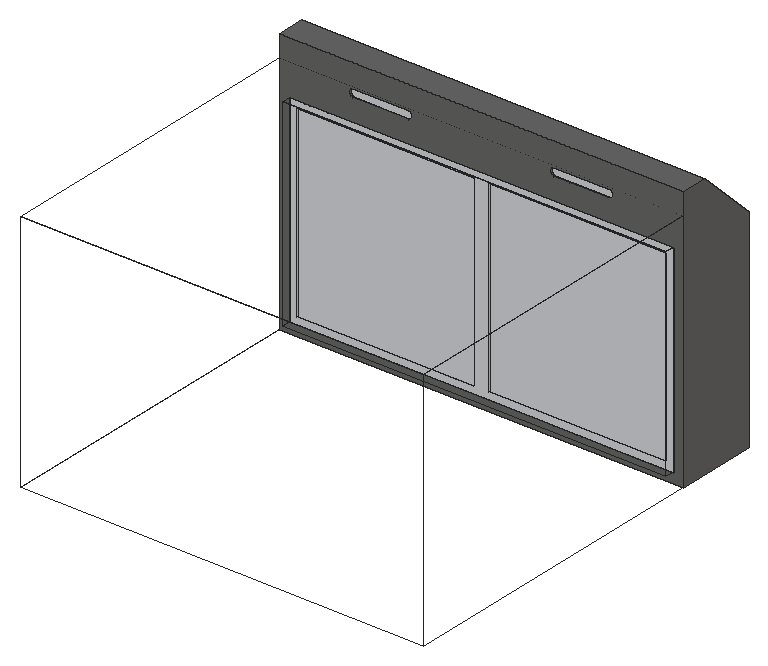
Revit family "Range_Hood-BroanNutone-Convertible-Under_Cabinet-30in-BCDF130SS", category Specialty Equipment, host Face, Revit 2019
Family settings
  Host = Face
  Round Connector Dimension = Use Diameter
  Part Type = Normal
  OmniClass Number = 23.40.20.34.11.21
  OmniClass Title = Fireplace and Stove Hoods
  Cut with Voids When Loaded = No
  Shared = No
  Room Calculation Point = No
Parameters (values of type "30" Black Stainless Steel")
  Width = 2' - 5 7/8"  # constant formula
  Warranty URL = "https://www.broan-nutone.com/getmedia/08960bac-3ee5-42e1-8f41-5e0d445213aa/ADA_Low_Voltage_Connection.pdf?ext=.pdf"
  Voltage Note = "120 V"  # constant formula
  Voltage = 120 V  # constant formula
  Version = "2019 – v1.0a"  # constant formula
  URL = "https://www.broan-nutone.com/"
  Type Comments = ""
  Support Phone = "(224) 699-9545"  # constant formula
  Support Email = "mailto:support@anguleris.com"
  Product Page URL = "https://www.broan-nutone.com/en-us/product/rangehoods/bcdf130bls"
  Product Name = "Broan® Glacier 30-Inch Convertible Under-Cabinet Range Hood, 375 Max Blower CFM, Black Stainless Steel"  # constant formula
  Product Documentation Link = "https://www.broan-nutone.com/getmedia/8d9fa85d-d6a1-42bc-9413-94628d71b8d8/Spec-Sheet-BCDF1.pdf?ext=.pdf"
  Power Factor = 1  # constant formula
  Number of Poles = 1
  Mounting Note = "For best results mount 24 to 30 inches over cooking surface"  # constant formula
  Model = "BCDF130SS"  # constant formula
  Manufacturer Phone Number = "1 800-558-1711"  # constant formula
  Manufacturer = "Broan-NuTone"  # constant formula
  Height = 0' - 6"  # constant formula
  Finish = Metal - Broan NuTone - Stainless Steel - Black
  Electrical Connector = "Cord Kit - Standard 120 VAC Plug"  # constant formula
  Description = "30-Inch Convertible Under-Cabinet Range Hood, 375 Max Blower"  # constant formula
  Depth = 1' - 7 5/8"  # constant formula
  Default Elevation = 2' - 0"
  Copyright = "Copyright © 2021 Broan-NuTone, LLC. All Rights Reserved"  # constant formula
  Clearance [instance] = yes
  Assembly Code = "E1090320"
  Apparent Load = 0 VA
Types (2): name | Product Page URL | Finish | Default Elevation
  30" Stainless Steel | "https://www.broan-nutone.com/en-us/product/rangehoods/bcdf130ss" | Metal - Broan NuTone - Stainless Steel | 4' - 0"
  30" Black Stainless Steel | "https://www.broan-nutone.com/en-us/product/rangehoods/bcdf130bls" | Metal - Broan NuTone - Stainless Steel - Black | 2' - 0"
Reference planes (in)
  plane 1 "Center (Front/Back)": y = 0
  plane 2: z = 0
  plane 3 "Center (Left/Right)": x = 0
  plane 4: x = -14.9375
  plane 5: x = 14.9375
  plane 6: y = -3
  plane 7: y = 3
  plane 8: z = 19.625
  plane 9: z = 14.125
  plane 10: x = 7.4375
  plane 11: z = 2
  plane 12: y = 1.5
  plane 13: y = -1.5
  plane 14: x = -13.4375
  plane 15: x = 13.4375
  plane 16: x = -7.4375
Forms (in)
  Extrusion 1, solid, material "Metal - Broan NuTone - Stainless Steel - Black" <- "Finish", detail levels fine
    sketch origin (0, 0, 0) x (1, 0, 0) y (0, 0, 1)
      loop
        line (-14.9375, 14.125) -> (-14.9375, 0) -> (14.9375, 0) -> (14.9375, 14.125) -> (-14.9375, 14.125)
    from -3 to 3
  Extrusion 2, solid, material "Clearances - Broan Nutone", visible <- "Clearance"
    sketch origin (0, 0, 0) x (1, 0, 0) y (0, 1, 0)
      loop
        line (-14.9375, -3) -> (-14.9375, -27) -> (14.9375, -27) -> (14.9375, -3) -> (-14.9375, -3)
    from 0 to 18
  Extrusion 3, solid, material "Metal - Broan NuTone - Stainless Steel - Black" <- "Finish", detail levels fine
    sketch origin (0, 0, 0) x (0, 1, 0) y (0, 0, 1)
      loop
        line (3, 14.125) -> (3, 15.625) -> (-1, 19.625) -> (-3, 19.625) -> (-3, 14.125) -> (3, 14.125)
    from -14.9375 to 14.9375
  Extrusion 4, void
    sketch origin (0, 0, 0) x (1, 0, 0) y (0, 0, 1)
      loop
        line (-14.1875, 0.75) -> (14.1875, 0.75) -> (14.1875, 15.625) -> (-14.1875, 15.625) -> (-14.1875, 0.75)
    from -1.36581 to 3.65336
  Extrusion 5, solid, detail levels fine
    sketch origin (0, 0, 0) x (1, 0, 0) y (0, 0, 1)
      loop
        line (14.1875, 15.625) -> (-14.1875, 15.625) -> (-14.1875, 0.75) -> (14.1875, 0.75) -> (14.1875, 15.625)
    from 2.42402 to 2.9065
  Extrusion 6, void
    sketch origin (0, 0, 0) x (1, 0, 0) y (0, 0, 1)
      loop
        arc (5.4375, 17.875) -> (5.137, 17.5745) -> (5.4375, 17.274) r 0.3005
        line (5.4375, 17.274) -> (9.4375, 17.274)
        arc (9.4375, 17.274) -> (9.738, 17.5745) -> (9.4375, 17.875) r 0.3005
        line (9.4375, 17.875) -> (5.4375, 17.875)
      loop
        arc (-9.4375, 17.875) -> (-9.738, 17.5745) -> (-9.4375, 17.274) r 0.3005
        line (-9.4375, 17.274) -> (-5.4375, 17.274)
        arc (-5.4375, 17.274) -> (-5.137, 17.5745) -> (-5.4375, 17.875) r 0.3005
        line (-5.4375, 17.875) -> (-9.4375, 17.875)
    from 1.73757 to 4.07386
  Extrusion 7, solid
    sketch origin (0, 0, 0) x (1, 0, 0) y (0, 0, 1)
      loop
        arc (-5.4375, 17.274) -> (-5.137, 17.5745) -> (-5.4375, 17.875) r 0.3005
        line (-5.4375, 17.875) -> (-9.4375, 17.875)
        arc (-9.4375, 17.875) -> (-9.738, 17.5745) -> (-9.4375, 17.274) r 0.3005
        line (-9.4375, 17.274) -> (-5.4375, 17.274)
      loop
        arc (9.4375, 17.274) -> (9.738, 17.5745) -> (9.4375, 17.875) r 0.3005
        line (9.4375, 17.875) -> (5.4375, 17.875)
        arc (5.4375, 17.875) -> (5.137, 17.5745) -> (5.4375, 17.274) r 0.3005
        line (5.4375, 17.274) -> (9.4375, 17.274)
    from 0 to 2.9065
  Extrusion 8, solid, detail levels fine
    sketch origin (0, 0, 0) x (1, 0, 0) y (0, 0, 1)
      loop
        line (-13.6875, 15.125) -> (-13.6875, 1.25) -> (-0.5, 1.25) -> (-0.5, 15.125) -> (-13.6875, 15.125)
      loop
        line (-14.1875, 15.625) -> (-14.1875, 0.75) -> (0, 0.75) -> (14.1875, 0.75) -> (14.1875, 15.625) -> (0, 15.625) -> (-14.1875, 15.625)
      loop
        line (13.6875, 15.125) -> (0.5, 15.125) -> (0.5, 1.25) -> (13.6875, 1.25) -> (13.6875, 15.125)
    from 0 to 3
  Extrusion 9, solid, material "Metal - Broan NuTone - Stainless Steel - Black" <- "Finish", detail levels coarse+medium
    sketch origin (0, 0, 0) x (0, 1, 0) y (0, 0, 1)
      loop
        line (3, 0) -> (3, 19.625) -> (-3, 19.625) -> (-3, 0) -> (3, 0)
    from -14.9375 to 14.9375
  Extrusion 10, void
    sketch origin (0, 0, 0) x (1, 0, 0) y (0, 0, 1)
      loop
        line (-5.4375, 17.875) -> (-9.4375, 17.875)
        arc (-9.4375, 17.875) -> (-9.738, 17.5745) -> (-9.4375, 17.274) r 0.3005
        line (-9.4375, 17.274) -> (-5.4375, 17.274)
        arc (-5.4375, 17.274) -> (-5.137, 17.5745) -> (-5.4375, 17.875) r 0.3005
      loop
        line (9.4375, 17.875) -> (5.4375, 17.875)
        arc (5.4375, 17.875) -> (5.137, 17.5745) -> (5.4375, 17.274) r 0.3005
        line (5.4375, 17.274) -> (9.4375, 17.274)
        arc (9.4375, 17.274) -> (9.738, 17.5745) -> (9.4375, 17.875) r 0.3005
    from 1 to 3.65336
Cuts and joins
  Extrusion 4 cuts Extrusion 1
  Extrusion 4, Extrusion 6 cuts Extrusion 3
  joined: Extrusion 1, Extrusion 3
  Extrusion 4 cuts Extrusion 2
  Extrusion 10 cuts Extrusion 9
Lines and regions (in)
  Masking region 1, detail levels coarse
    outline origin (0, 0, 0) x (1, 0, 0) y (0, 0, 1)
      loop
        line (14.9375, 19.625) -> (-14.9375, 19.625) -> (-14.9375, 0) -> (14.9375, 0) -> (14.9375, 19.625)
  model lines, detail levels fine
    curve 1: circle (7.4375, 2, 0) r 0.5 normal (0, 0, 1)
    curve 2: circle (15, 1.5, 2) r 0.5 normal (1, 0, 0)
    curve 3: circle (15, -1.5, 2) r 0.5 normal (-1, 0, 0)
  symbolic lines, style "Clearance Zones"
    curve 4: line (-14.9375, 0, 14.125) -> (-14.9375, 0, 19.625)
    curve 5: line (-14.9375, 0, 19.625) -> (14.9375, 0, 19.625)
    curve 6: line (14.9375, 0, 19.625) -> (14.9375, 0, 14.125)
  symbolic lines, detail levels medium+fine
    curve 7: line (14.9375, 0, 14.125) -> (-14.9375, 0, 14.125)
  symbolic lines, detail levels fine
    curve 8: line (7.4375, 0, 14.125) -> (7.4375, 0, 0)
    curve 9: line (-7.4375, 0, 14.125) -> (-7.4375, 0, 0)
Dimensions and locks (in)
  equal spacing: plane 4, plane 3 "Center (Left/Right)", plane 5
  "Width": plane 4 to plane 5
  equal spacing: plane 6, plane 1 "Center (Front/Back)", plane 7
  "Height": plane 6 to plane 7
  plane 8 to level = 1' - 7 5/8"
  equal spacing: plane 13, plane 1 "Center (Front/Back)", plane 12
  locked: Extrusion 2 sketch curve to plane 6 at 24
  locked: plane 14 to plane 4 at 1.5
  locked: plane 5 to plane 15 at 1.5
  locked: plane 16 to plane 4 at 7.5
  locked: plane 10 to plane 5 at 7.5
  "Depth": plane 8 to host face
  Extrusion 2 to Extrusion 2 = 2' - 5 7/8"  (x2)
  locked: cut or joined group of Extrusion 1, Extrusion 3, Extrusion 4, Extrusion 6 to Extrusion 2 at 24
  locked: Extrusion 2 to host face at 18
  plane 4 to plane 5 = 2' - 5 7/8"
  locked: plane 8 to plane 9 at 5.5
  aligned and locked: plane 2 to host face
  aligned and locked: level to host face
  aligned and locked: Extrusion 1 sketch curve to plane 9
  aligned and locked: Extrusion 1 sketch curve to plane 4
  aligned and locked: level to Extrusion 1 sketch curve
  aligned and locked: Extrusion 1 sketch curve to plane 5
  aligned and locked: Extrusion 1 to plane 7
  aligned and locked: plane 6 to Extrusion 1
  aligned and locked: plane 10 to curve 1
  aligned and locked: plane 11 to curve 2
  aligned and locked: plane 12 to curve 2
  aligned and locked: plane 11 to curve 3
  aligned and locked: plane 6 to Extrusion 2 sketch curve
  aligned and locked: plane 4 to Extrusion 2 sketch curve
  aligned and locked: Extrusion 2 sketch curve to plane 5
  aligned and locked: Extrusion 2 to level
  aligned and locked: Masking region 1 sketch curve to plane 5
  aligned and locked: Masking region 1 sketch curve to plane 8
  aligned and locked: Masking region 1 sketch curve to plane 4
  aligned and locked: plane 2 to Masking region 1 sketch curve
  aligned and locked: plane 5 to curve 7
  aligned and locked: plane 4 to curve 7
  aligned and locked: plane 5 to Extrusion 9
  aligned and locked: Extrusion 9 to plane 4
  aligned and locked: cut or joined group of Extrusion 1, Extrusion 3, Extrusion 4, Extrusion 6 to cut or joined group of Extrusion 1, Extrusion 3, Extrusion 4, Extrusion 6  (x2)
Automatic sketch dimensions
  curve 9 to plane 16 = 0' - 0"
  plane 10 to curve 8 = 0' - 0"
  curve 8 to level = 0' - 0"
  curve 9 to level = 0' - 0"
  curve 5 to plane 8 = 0' - 0"
  host sketch curve to host sketch curve = 8' - 0"  (x2)
  curve 1 to Extrusion 1 = 0' - 1"
  curve 3 to plane 13 = 0' - 0"
  Extrusion 3 sketch curve to plane 6 = 0' - 0"
  Extrusion 3 sketch curve to plane 8 = 0' - 0"
  Extrusion 3 sketch curve to plane 7 = 0' - 0"
  Extrusion 3 sketch curve to plane 9 = 0' - 0"
  plane 13 to Extrusion 3 sketch curve = 0' - 0 1/2"
  Extrusion 3 sketch curve to Extrusion 3 sketch curve = 0' - 1 1/2"
  curve 9 to plane 9 = 0' - 0"
  plane 4 to Extrusion 4 sketch curve = 0' - 0 3/4"
  Extrusion 4 sketch curve to plane 5 = 0' - 0 3/4"
  level to Extrusion 4 sketch curve = 0' - 0 3/4"
  plane 9 to Extrusion 4 sketch curve = 0' - 1 1/2"
  plane 4 to Extrusion 5 sketch curve = 0' - 0 3/4"
  plane 9 to Extrusion 5 sketch curve = 0' - 1 1/2"
  level to Extrusion 5 sketch curve = 0' - 0 3/4"
  Extrusion 5 sketch curve to plane 5 = 0' - 0 3/4"
  Extrusion 6 sketch curve to plane 16 = 0' - 2"
  plane 16 to Extrusion 6 sketch curve = 0' - 2"
  plane 10 to Extrusion 6 sketch curve = 0' - 2"
  Extrusion 6 sketch curve to plane 10 = 0' - 2"
  Extrusion 6 sketch curve to plane 8 = 0' - 2.351"  (x2)
  Extrusion 6 sketch curve to Extrusion 6 sketch curve = 0' - 0.3005"  (x2)
  Extrusion 7 sketch curve to plane 16 = 0' - 2"
  plane 16 to Extrusion 7 sketch curve = 0' - 2"
  Extrusion 7 sketch curve to plane 8 = 0' - 2.351"  (x2)
  Extrusion 7 sketch curve to Extrusion 7 sketch curve = 0' - 0.3005"  (x2)
  plane 10 to Extrusion 7 sketch curve = 0' - 2"
  Extrusion 7 sketch curve to plane 10 = 0' - 2"
  Extrusion 8 sketch curve to plane 3 "Center (Left/Right)" = 0' - 0"  (x2)
  Extrusion 8 sketch curve to plane 3 "Center (Left/Right)" = 0' - 0 1/2"
  Extrusion 8 sketch curve to plane 14 = 0' - 0 1/4"
  Extrusion 8 sketch curve to Extrusion 8 sketch curve = 0' - 0 1/2"  (x5)
  plane 3 "Center (Left/Right)" to Extrusion 8 sketch curve = 0' - 0 1/2"
  Extrusion 8 sketch curve to plane 15 = 0' - 0 1/4"
  plane 9 to Extrusion 8 sketch curve = 0' - 1"  (x2)
  Extrusion 8 sketch curve to plane 11 = 0' - 0 3/4"
  Extrusion 9 sketch curve to level = 0' - 0"
  Extrusion 9 sketch curve to plane 6 = 0' - 0"
  Extrusion 9 sketch curve to plane 7 = 0' - 0"
  Extrusion 9 sketch curve to plane 8 = 0' - 0"
  Extrusion 10 sketch curve to plane 16 = 0' - 2"
  plane 16 to Extrusion 10 sketch curve = 0' - 2"
  Extrusion 10 sketch curve to plane 8 = 0' - 2.351"  (x2)
  Extrusion 10 sketch curve to Extrusion 10 sketch curve = 0' - 0.3005"  (x2)
  plane 10 to Extrusion 10 sketch curve = 0' - 2"
  Extrusion 10 sketch curve to plane 10 = 0' - 2"
  radius of curve 1 = 0' - 0 1/2"
  radius of curve 2 = 0' - 0 1/2"
  radius of curve 3 = 0' - 0 1/2"
Connectors (in)
  hvac at (0, 3, 7.0625)
    settings: on Extrusion 1, index 1, duct flow 160 CFM, flow factor 0, pres drop 0.00 in-wg, loss coef 0, conn angle 0.00°, conn width 10", conn height 3 1/4", conn diameter 24", duct sys type 3, conn prof type 1, flow config 0, flow direction 2, loss method 0, conn ref index -1, conn util no, is conn primary yes, conn desc "Vent Connection"
  electrical at (0, 0, 0), driven by "Power Factor", driven by "Apparent Load", driven by "Voltage", driven by "Number of Poles", driven by "Electrical Connector"
    settings: on host face, index 2, voltage 120 V, apparent load 0 VA, apparent load phase1 0 VA, apparent load phase2 0 VA, apparent load phase3 0 VA, power factor 1, load classification "Other", number of poles 1, system type 30, power factor state 1, is connector primary yes, connector utility no, sub classification motor no, connector description "Cord Kit - Standard 120 VAC Plug"
